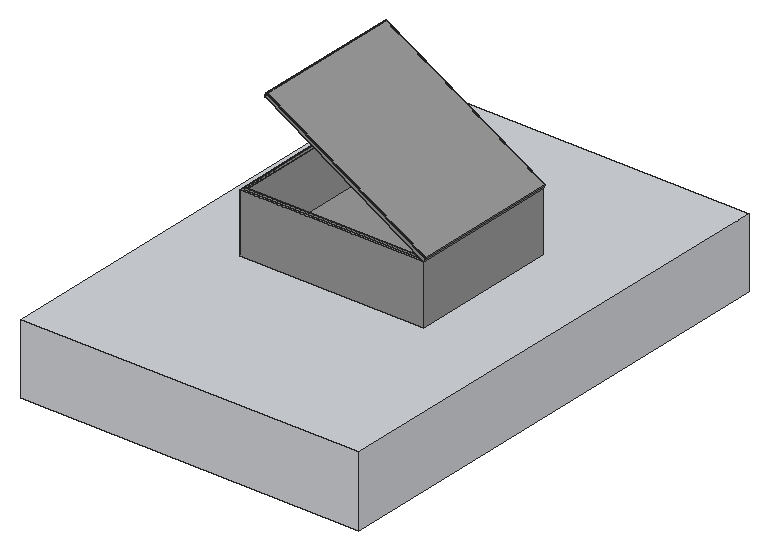
Revit family "Hager-Univers-IP55-D275-H650-Cl.II-Steel_encl-CH-en", category Equipement électrique, Revit 2020
Family settings
  Hôte = Face
  Configuration du panneau = Deux colonnes, circuits au sein
  Cote de connecteur circulaire = Utiliser le diamètre
  Type d'élément = Tableau de raccordement
  Couper avec des vides une fois chargée = Non
  Partagée = Non
  Point de calcul de pièce = Non
Parameters (values of type "Surface mounted (plaster) IP55 W800 H650 D275  - FR43S")
  Width Control [instance] = if([EF000008 - Width] > Min Width, [EF000008 - Width], Min Width)  # 800 mm
  Commentaires du type = [HG000003 - Range]  # "Univers"
  Thickness Door [instance] = if([EF009171 - Material plate thickness door/cover] > 3 mm, 3 mm, [EF009171 - Material plate thickness door/cover])  # 1.5 mm
  Seal Frame Offset [instance] = 17 mm  # constant formula
  Plinth Visibility [instance] = [HG000027 - Plinth height] > 0 mm  # no
  Model = ""
  Min Width [instance] = 100 mm  # constant formula
  Min Height [instance] = 100 mm  # constant formula
  Min Depth [instance] = (2 * [EF009170 - Material plate thickness cabinet]) + 1 mm  # 4 mm
  Internal Frame Depth [instance] = (Door System Depth * 0.5)  # 9 mm
  Height Control [instance] = if([EF000040 - Height] > Min Height, [EF000040 - Height], Min Height)  # 650 mm
  HG000027 - Plinth height = 0 mm
  HG000026 - Floor standing = no
  HG000024 - Bottom section height = 800 mm
  HG000023 - Double section enclosure = no
  HG000016 - Door 3d visibility [instance] = yes
  HG000015 - Clearance visibility [instance] = no
  HG000014 - Door on the right [instance] = yes
  HG000013 - Door on the left [instance] = not([HG000014 - Door on the right])  # no
  HG000012 - Door swing angle [instance] = 30.00°
  HG000010 - Asymmetric doors = no
  HG000009 - Double swing door = no
  HG000006 - Flush mounted = no
  HG000004 - Manufacturer reference = "FR43S"
  HG000003 - Range = "Univers"
  HG000002 - With door or cover = yes
  Frame Offset Bottom [instance] = 10 mm  # constant formula
  Frame Offset [instance] = 15 mm  # constant formula
  EF015940 - Cover with overpressure release = no
  EF011959 - Degree of protection (NEMA) = ""
  EF009554 - Number of openings for flange plates = 6
  EF009212 - Cover model = "EV000116 - Closed"
  EF009171 - Material plate thickness door/cover = 1.5 mm
  EF009170 - Material plate thickness cabinet = 1.5 mm
  Fabricant = "Hager"  # constant formula
  EF008873 - Nominal current (In) = 800 A
  EF007800 - Suitable for lightning protection = no
  EF006306 - With lock = no
  EF006244 - Transparent cover/door = no
  EF005474 - Degree of protection (IP) = "EV006420 - IP55"
  EF004464 - Type of door = "EV002646 - Single"
  EF004427 - Number of modules = 144
  EF004293 - Impact strength = "EV008784 - IK10"
  EF003532 - Suitable for outdoor use = no
  EF002950 - Width in number of modular spacings = 24
  EF001613 - Circuit integrity = "EV000494 - None"
  EF001596 - Material housing = "EV000179 - Steel"
  EF001131 - Internal depth = 275 mm
  EF001088 - Extension possible = yes
  EF000437 - Number of conduit inlets = 6
  EF000339 - Type of cover = "EV004216 - Door"
  EF000266 - Number of rows = 4
  EF000218 - Built-in depth = 0 mm
  EF000118 - With mounting plate = no
  EF000116 - RAL-number = "7035"
  EF000049 - Depth = 275 mm
  EF000040 - Height = 650 mm
  EF000008 - Width = 800 mm
  EF000007 - Colour = "EV000270 - Grey"
  EF000003 - Mounting method = "EV000384 - Surface mounted (plaster)"
  Door System Leaf Tolerance [instance] = 1.5 mm  # constant formula
  Door System Depth [instance] = 18 mm  # constant formula
  Door Height [instance] = Height Control - [HG000027 - Plinth height]  # 650 mm
  Depth Control [instance] = if([EF000049 - Depth] > Min Depth, [EF000049 - Depth], Min Depth)  # 275 mm
  Default Elevation = 0 mm
  Connector Offset [instance] = Height Control / 2  # 325 mm
  Bottom Top Plate Trim [instance] = 1.5 mm  # constant formula
  Plinth height Ctrl [instance] = if([HG000027 - Plinth height] > 0 mm, [HG000027 - Plinth height], 12 mm)  # 12 mm
Types (5, lengths in mm): name | Width Control | HG000010 - Asymmetric doors | HG000009 - Double swing door | HG000004 - Manufacturer reference | EF009554 - Number of openings for flange plates | EF004464 - Type of door | EF004427 - Number of modules | EF000437 - Number of conduit inlets | EF000008 - Width
  Surface mounted (plaster) IP55 W1050 H650 D275  - FR44S | 1050 | no | yes | "FR44S" | 8 | "EV003602 - Double" | 192 | 8 | 1050
  Surface mounted (plaster) IP55 W1300 H650 D275  - FR45S | 1300 | yes | yes | "FR45S" | 10 | "EV003602 - Double" | 240 | 10 | 1300
  Surface mounted (plaster) IP55 W300 H650 D275  - FR41S | 300 | no | no | "FR41S" | 2 | "EV002646 - Single" | 48 | 2 | 300
  Surface mounted (plaster) IP55 W550 H650 D275  - FR42S | 550 | no | no | "FR42S" | 4 | "EV002646 - Single" | 96 | 4 | 550
  Surface mounted (plaster) IP55 W800 H650 D275  - FR43S | 800 | no | no | "FR43S" | 6 | "EV002646 - Single" | 144 | 6 | 800
Reference planes
  plane 1 "Center (Front/Back)": y = 0
  plane 2: z = 0
  plane 3 "Center (Left/Right)": x = 0
  plane 4: z = 275
  plane 5: y = 1.5
  plane 6: y = 325
  plane 7: y = 0
  plane 8: y = 650
  plane 9: z = 0
  plane 10: x = -385
  plane 11: x = 385
  plane 12: x = 383.5
  plane 13: x = -383.5
  plane 14: y = 648.5
  plane 15: x = -383
  plane 16: x = -400
  plane 17: x = 383
  plane 18: x = 400
  plane 19: x = 398.5
  plane 20: x = -398.5
  plane 21: y = 11.5
  plane 22: y = 650
  plane 23: y = 633.5
  plane 24: z = 257
  plane 25: z = 1.5
  plane 26: z = 255.5
  plane 27: z = 273.5
Forms (mm)
  Extrusion 1, solid
    sketch origin (0, 0, 0) x (1, 0, 0) y (0, 1, 0)
      loop
        line (-702.964, 1305) -> (-702.964, -811.445) -> (766.763, -811.445) -> (766.763, 1305) -> (-702.964, 1305)
    from 0 to -304.8
  Extrusion 2, solid, material "Hager_Steel_RAL7035_Light_Grey", visible <- "Plinth Visibility", detail levels medium+fine
    sketch origin (0, 0, 0) x (1, 0, 0) y (0, 1, 0)
      loop
        line (-400, 0) -> (400, 0) -> (400, 12) -> (-400, 12) -> (-400, 0)
    from 0 to 257
  Extrusion 3, solid, material "Hager_Steel_RAL7035_Light_Grey", detail levels medium+fine
    sketch origin (0, 0, 0) x (1, 0, 0) y (0, 1, 0)
      loop
        line (-400, 0) -> (400, 0) -> (400, 650) -> (-400, 650) -> (-400, 0)
    from 0 to 257
  Extrusion 4, void
    sketch origin (0, 0, 0) x (1, 0, 0) y (0, 1, 0)
      loop
        line (-398.5, 1.5) -> (398.5, 1.5) -> (398.5, 648.5) -> (-398.5, 648.5) -> (-398.5, 1.5)
    from 1.5 to 255.5
  Extrusion 5, void
    sketch origin (-381.607, -4572, 257) x (0, -1, 0) y (-1, 0, 0)
      loop
        line (-4583.5, 1.893) -> (-5205.5, 1.893) -> (-5205.5, -765.107) -> (-4583.5, -765.107) -> (-4583.5, 1.893)
    from 0 to 1.5 <- "EF009170 - Material plate thickness cabinet"
  Extrusion 6, solid, material "Hager_Steel_RAL7035_Light_Grey", detail levels fine
    sketch origin (0, 0, 257) x (1, 0, 0) y (0, 1, 0)
      loop
        line (-383.5, 633.5) -> (-383.5, 11.5) -> (383.5, 11.5) -> (383.5, 633.5) -> (-383.5, 633.5)
      loop
        line (-385, 10) -> (385, 10) -> (385, 635) -> (-385, 635) -> (-385, 10)
    from 0 to 9 <- "Internal Frame Depth"
  Extrusion 7, solid, material "Hager_Steel_RAL7035_Light_Grey", detail levels coarse
    sketch origin (0, 0, 0) x (1, 0, 0) y (0, 1, 0)
      loop
        line (-400, 0) -> (400, 0) -> (400, 650) -> (-400, 650) -> (-400, 0)
    from 0 to 275
  Sweep 8, void
    path in 3D
      loop
        line (-400, 12, 0) -> (400, 12, 0) -> (400, 12, 257) -> (-400, 12, 257) -> (-400, 12, 0)
    profile origin (-400, 12, 128.5) x (-1, 0, 0) y (0, -1, 0)
      loop
        line (0, 0) -> (0, 1.5) -> (-1.5, 1.5)
        arc (-1.5, 1.5) -> (-1.061, 0.439) -> (0, 0) r 1.5
Cuts and joins
  Extrusion 4, Extrusion 5 cuts Extrusion 3
  Sweep 8 cuts Extrusion 2
Lines and regions (mm)
  Masking region 1
    outline origin (0, 0, 0) x (1, 0, 0) y (0, 0, 1)
      loop
        line (-400, 275) -> (-400, 0) -> (400, 0) -> (400, 275) -> (-400, 275)
  Masking region 2, detail levels medium+fine
    outline origin (0, 140, 0) x (0, 1, 0) y (0, 0, 1)
      loop
        line (-140, 0) -> (510, 0) -> (510, 257) -> (-140, 257) -> (-140, 0)
  Masking region 3, not visible, detail levels medium+fine
    outline origin (0, 297.922, 0) x (0, 1, 0) y (0, 0, 1)
      loop
        line (38.578, 0) -> (78.578, 0) -> (78.578, 263.5)
        arc (78.578, 263.5) -> (75.649, 270.571) -> (68.578, 273.5) r 10
        line (68.578, 273.5) -> (38.578, 273.5) -> (38.578, 0)
  Masking region 4, detail levels coarse
    outline origin (0, 0, 180) x (0, 1, 0) y (0, 0, 1)
      loop
        line (0, -180) -> (650, -180) -> (650, 95) -> (0, 95) -> (0, -180)
  Masking region 5, visible <- "Plinth Visibility", detail levels medium+fine
    outline origin (0, 52.24, 12.345) x (0, 0, -1) y (0, 1, 0)
      loop
        line (10.845, -40.24) -> (-243.155, -40.24)
        arc (-243.155, -40.24) -> (-243.594, -41.301) -> (-244.655, -41.74) r 1.5
        line (-244.655, -41.74) -> (-244.655, -52.24) -> (12.345, -52.24) -> (12.345, -41.74)
        arc (12.345, -41.74) -> (11.285, -41.301) -> (10.845, -40.24) r 1.5
  Masking region 6, detail levels medium+fine
    outline origin (-381.607, -4572, 257) x (-1, 0, 0) y (0, -1, 0)
      loop
        line (18.393, -5222) -> (18.393, -4572) -> (-781.607, -4572) -> (-781.607, -5222) -> (18.393, -5222)
  Masking region 7, visible <- "Plinth Visibility", detail levels medium+fine
    outline origin (-381.607, -4727, 257) x (-1, 0, 0) y (0, -1, 0)
      loop
        arc (16.893, -4739) -> (17.332, -4737.939) -> (18.393, -4737.5) r 1.5
        line (18.393, -4737.5) -> (18.393, -4727) -> (-781.607, -4727) -> (-781.607, -4737.5)
        arc (-781.607, -4737.5) -> (-780.546, -4737.939) -> (-780.107, -4739) r 1.5
        line (-780.107, -4739) -> (16.893, -4739)
  Masking region 8, detail levels coarse
    outline origin (-442.548, -4669.526, 257) x (-1, 0, 0) y (0, -1, 0)
      loop
        line (-42.548, -5319.526) -> (-42.548, -4669.526) -> (-842.548, -4669.526) -> (-842.548, -5319.526) -> (-42.548, -5319.526)
  sketch lines
    curve 1: line (-400, 12, 257) -> (-400, 12, 0)
    curve 2: line (400, 12, 257) -> (-400, 12, 257)
    curve 3: line (400, 12, 257) -> (400, 12, 0)
    curve 4: line (-400, 12, 0) -> (400, 12, 0)
Dimensions and locks
  "Depth Control": plane 4 to Extrusion 1
  "HG000027 - Plinth height": plane 1 "Center (Front/Back)" to plane 7
  "EF009170 - Material plate thickness cabinet": plane 5 to plane 7
  locked: connector elem to plane 3 "Center (Left/Right)"
  equal spacing: plane 8, plane 6, plane 7
  locked: connector elem to plane 6
  "EF009170 - Material plate thickness cabinet": plane 8 to plane 14
  "EF009170 - Material plate thickness cabinet": plane 10 to plane 13
  "EF009170 - Material plate thickness cabinet": plane 12 to plane 11
  "Frame Offset": plane 20 to plane 13
  "Frame Offset": plane 12 to plane 19
  "EF009170 - Material plate thickness cabinet": plane 16 to plane 20
  "EF009170 - Material plate thickness cabinet": plane 19 to plane 18
  "Seal Frame Offset": plane 16 to plane 15
  "Seal Frame Offset": plane 17 to plane 18
  "Frame Offset Bottom": plane 21 to plane 5
  "Frame Offset": plane 14 to plane 23
  equal spacing: plane 16, plane 3 "Center (Left/Right)", plane 18
  "Width Control": plane 16 to plane 18
  "EF009170 - Material plate thickness cabinet": plane 4 to plane 27
  "EF009170 - Material plate thickness cabinet": plane 24 to plane 26
  "EF009170 - Material plate thickness cabinet": plane 25 to level
  "Door System Depth": plane 4 to plane 24
  "Height Control": plane 1 "Center (Front/Back)" to Extrusion 7 sketch curve
  "Height Control": Masking region 4 sketch curve to plane 1 "Center (Front/Back)"
  "Height Control": plane 1 "Center (Front/Back)" to plane 22
  "Bottom Top Plate Trim": profile plane to Sweep 8 sketch curve
  "Bottom Top Plate Trim": Sweep 8 sketch curve to profile plane
  "Plinth height Ctrl": plane 1 "Center (Front/Back)" to Extrusion 2 sketch curve
  "Plinth height Ctrl": Masking region 5 sketch curve to plane 1 "Center (Front/Back)"
  "Plinth height Ctrl": plane 1 "Center (Front/Back)" to Masking region 7 sketch curve
  "Thickness Door": Extrusion 6 sketch curve to Extrusion 6 sketch curve  (x3)
  "Thickness Door": cut or joined group of Extrusion 3, Extrusion 4, Extrusion 5 to Extrusion 6 sketch curve
  radius of Masking region 3 sketch curve = 10 mm
  "Bottom Top Plate Trim": radius of Masking region 5 sketch curve  (x2)
  "Bottom Top Plate Trim": radius of Sweep 8 sketch curve
  "Bottom Top Plate Trim": radius of Masking region 7 sketch curve  (x2)
  aligned and locked: plane 2 to Extrusion 1
  aligned and locked: level to Extrusion 1
  aligned and locked: level to Masking region 1 sketch curve
  aligned and locked: Masking region 1 sketch curve to plane 18
  aligned and locked: Masking region 1 sketch curve to plane 16
  aligned and locked: plane 7 to Masking region 2 sketch curve
  aligned and locked: level to Masking region 3 sketch curve
  aligned and locked: Masking region 3 sketch curve to plane 27
  aligned and locked: level to Masking region 2 sketch curve
  aligned and locked: plane 1 "Center (Front/Back)" to Extrusion 2 sketch curve
  aligned and locked: Extrusion 3 sketch curve to plane 7
  aligned and locked: plane 16 to Extrusion 3 sketch curve
  aligned and locked: plane 18 to Extrusion 3 sketch curve
  aligned and locked: plane 20 to Extrusion 4 sketch curve
  aligned and locked: plane 19 to Extrusion 4 sketch curve
  aligned and locked: Extrusion 4 sketch curve to plane 5
  aligned and locked: Extrusion 4 to plane 25
  aligned and locked: plane 26 to Extrusion 4
  aligned and locked: plane 24 to Extrusion 3
  aligned and locked: Extrusion 5 sketch curve to plane 21
  aligned and locked: Extrusion 5 sketch curve to plane 13
  aligned and locked: Extrusion 5 sketch curve to plane 12
  aligned and locked: plane 18 to Extrusion 7 sketch curve
  aligned and locked: plane 1 "Center (Front/Back)" to Extrusion 7 sketch curve
  aligned and locked: plane 16 to Extrusion 7 sketch curve
  aligned and locked: plane 4 to Extrusion 7
  aligned and locked: Extrusion 7 to level
  aligned and locked: level to Masking region 4 sketch curve
  aligned and locked: Masking region 4 sketch curve to plane 1 "Center (Front/Back)"
  aligned and locked: Masking region 4 sketch curve to plane 4
  aligned and locked: nested 1 to level
  aligned and locked: nested 1 to plane 16
  aligned and locked: plane 8 to Extrusion 3 sketch curve
  aligned and locked: plane 23 to Extrusion 5 sketch curve
  aligned and locked: plane 14 to Extrusion 4 sketch curve
  aligned and locked: Masking region 2 sketch curve to plane 8
  aligned and locked: level to Masking region 5 sketch curve
  aligned and locked: plane 16 to Extrusion 2 sketch curve
  aligned and locked: plane 18 to Extrusion 2 sketch curve
  aligned and locked: Masking region 5 sketch curve to plane 24
  aligned and locked: Masking region 2 sketch curve to plane 24
  aligned and locked: plane 24 to Extrusion 2
  aligned and locked: profile plane to Sweep 8 sketch curve  (x2)
  aligned and locked: Masking region 6 sketch curve to plane 18
  aligned and locked: Masking region 6 sketch curve to plane 22
  aligned and locked: Masking region 6 sketch curve to plane 16
  aligned and locked: plane 8 to plane 22
  aligned and locked: Masking region 6 sketch curve to plane 7
  aligned and locked: Masking region 7 sketch curve to plane 16
  aligned and locked: Masking region 7 sketch curve to plane 1 "Center (Front/Back)"
  aligned and locked: Masking region 7 sketch curve to plane 18
  aligned and locked: Masking region 8 sketch curve to plane 1 "Center (Front/Back)"
  aligned and locked: Masking region 8 sketch curve to plane 18
  aligned and locked: Masking region 8 sketch curve to plane 22
  aligned and locked: Masking region 8 sketch curve to plane 16
  aligned and locked: nested 2 to plane 7
  aligned and locked: plane 3 "Center (Left/Right)" to nested 2
  aligned and locked: nested 2 to plane 24
  aligned and locked: Extrusion 6 sketch curve to cut or joined group of Extrusion 3, Extrusion 4, Extrusion 5  (x4)
Automatic sketch dimensions
  Extrusion 1 sketch curve to Extrusion 1 sketch curve = 1469.727 mm
  Extrusion 1 sketch curve to Extrusion 1 sketch curve = 2116.445 mm
  Masking region 1 sketch curve to plane 4 = 0 mm
  plane 6 to Masking region 3 sketch curve = 11.5 mm
  Masking region 3 sketch curve to Masking region 3 sketch curve = 30 mm
  Masking region 5 sketch curve to plane 1 "Center (Front/Back)" = 0 mm
Nested families
  nested 1: "Hager_Enclosure_Symbol" at (-400, 0, 0) x (1, 0, 0) z (0, -1, 0), Height <- "Depth Control", Width <- "Width Control", type "Hager_Enclosure_Symbol"
    with Width_Ctrl 800 mm, Width 800 mm, Height_Ctrl 275 mm, Height 275 mm, A_Width_Int 18.047 mm, A_Width 216.562 mm, A_Height_Ctrl 240.625 mm, A_Height 240.625 mm
  nested 2: "EC000058_Univers_Door" at (0, 0, 257) x (1, 0, 0) z (0, 1, 0), Leaf_Tolerance <- "Door System Leaf Tolerance", Angle <- "HG000012 - Door swing angle", Door_Depth <- "Door System Depth", Door_Left <- "HG000013 - Door on the left", Transparent <- "EF006244 - Transparent cover/door", Assymetrical <- "HG000010 - Asymmetric doors", Width <- "Width Control", Clearance <- "HG000015 - Clearance visibility", Double <- "HG000009 - Double swing door", 3d_Door <- "HG000016 - Door 3d visibility", Lock_Visibility <- "EF006306 - With lock", Width_Ctrl <- "Width Control", Door_Right <- "HG000014 - Door on the right", Door <- "HG000002 - With door or cover", Height <- "Door Height", Thickness <- "Thickness Door", type "EC000058_Univers_Door", detail levels medium+fine
    with min_wh 4 mm, Width_Ctrl 800 mm, Width 800 mm, Transparent no, Thickness 1.5 mm, Seal_Material Hager_Rubber, Lock_Visibility no, Lock_Material Hager_Plastic_RAL9005_Jet_Black, Leaf_Width 800 mm, Leaf_Tolerance_External_Sides 0 mm, Leaf_Tolerance 1.5 mm, Leaf_Offset 0 mm, Leaf_Height 647 mm, Leaf_2_Width 800 mm, Leaf_2_Offset 400 mm, Leaf_1_Width 800 mm, Leaf_1_Offset 400 mm, Height_Ctrl 650 mm, Height 650 mm, Glass_Material Hager_Glass, Double_Clearance_Ctrl no, Double no, Door_Right_Ctrl yes, Door_Right yes, Door_Material Hager_Steel_RAL7035_Light_Grey, Door_Left_Ctrl no, Door_Left no, Door_Depth 18 mm, Door yes, Clearance_Material Hager_Clearance, Clearance_Depth 800 mm, Clearance_Ctrl no, Clearance no, Assymetrical no, Angle 30.00°, 3d_Door yes
Connectors
  electrical at (0, 325, 0)
    settings: on plane 9, index 1, voltage 0 V, apparent load 0 VA, apparent load phase1 0 VA, apparent load phase2 0 VA, apparent load phase3 0 VA, power factor 1, load classification "Other", number of poles 1, system type 30, power factor state 1, is connector primary yes, connector utility no, sub classification motor no, connector description ""
Definition of nested family "EC000058_Univers_Door"
  Parameters (values of type "EC000058_Univers_Door")
    min_wh [instance] = (2 * Thickness) + 1 mm  # 11 mm
    Width_Ctrl [instance] = 400 mm
    Width [instance] = 500 mm
    Transparent [instance] = yes
    Thickness [instance] = 5 mm
    Seal_Material [instance] = none
    Lock_Visibility [instance] = yes
    Lock_Material [instance] = none
    Leaf_Width [instance] = if((Width_Ctrl - 2 * Leaf_Tolerance_External_Sides) > 0 mm, (Width_Ctrl - 2 * Leaf_Tolerance_External_Sides), min_wh)  # 400 mm
    Leaf_Tolerance_External_Sides [instance] = 0 mm  # constant formula
    Leaf_Tolerance [instance] = 1.5 mm
    Leaf_Offset [instance] = 0 mm  # constant formula
    Leaf_Height [instance] = if((Height_Ctrl - 2 * Leaf_Tolerance) > 0 mm, (Height_Ctrl - 2 * Leaf_Tolerance), min_wh)  # 497 mm
    Leaf_2_Width [instance] = if(and(and(Double, Assymetrical), Door_Left), (Leaf_Width / 3) - (Leaf_Tolerance / 2), if(and(and(Double, Assymetrical), Door_Right), (Leaf_Width / 3) * 2 - (Leaf_Tolerance / 2), if(and(Double, not(Assymetrical)), (Leaf_Width / 2) - Leaf_Tolerance, Leaf_Width)))  # 400 mm
    Leaf_2_Offset [instance] = if(and(Double, Assymetrical), Leaf_2_Width / 2, if(and(Double, not(Assymetrical)), Leaf_Width / 4, Leaf_Width / 2))  # 200 mm
    Leaf_1_Width [instance] = if(and(and(Double, Assymetrical), Door_Right), (Leaf_Width / 3) - (Leaf_Tolerance / 2), if(and(and(Double, Assymetrical), Door_Left), (Width / 3) * 2 - (Leaf_Tolerance / 2), if(and(Double, not(Assymetrical)), (Leaf_Width / 2) - Leaf_Tolerance, Leaf_Width)))  # 400 mm
    Leaf_1_Offset [instance] = if(and(Double, Assymetrical), Leaf_1_Width / 2, if(and(Double, not(Assymetrical)), Leaf_Width / 4, Leaf_Width / 2))  # 200 mm
    Height_Ctrl [instance] = if(Height > min_wh, Height, min_wh)  # 500 mm
    Height [instance] = 500 mm
    Glass_Material [instance] = none
    Double_Clearance_Ctrl [instance] = and(Double, Clearance)  # no
    Double [instance] = no
    Door_Right_Ctrl [instance] = and(or(Door_Right, Double), Door)  # yes
    Door_Right [instance] = yes
    Door_Material [instance] = none
    Door_Left_Ctrl [instance] = and(or(Door_Left, Double), Door)  # no
    Door_Left [instance] = no
    Door_Depth [instance] = 30 mm
    Door [instance] = yes
    Default Elevation = 1219.2 mm
    Clearance_Material [instance] = none
    Clearance_Depth [instance] = if(Leaf_1_Width > Leaf_2_Width, Leaf_1_Width, Leaf_2_Width)  # 400 mm
    Clearance_Ctrl [instance] = and(not(Double), Clearance)  # yes
    Clearance [instance] = yes
    Assymetrical [instance] = yes
    Angle [instance] = 30.00°
    3d_Door [instance] = yes
  Reference planes
    plane 1 "Center (Front/Back)": y = 0
    plane 2 "Bottom": z = 0
    plane 3 "Center (Left/Right)": x = 0
    plane 4: z = 500
    plane 5: x = -200
    plane 6: x = 200
    plane 7: z = 500
    plane 8: x = -200
    plane 9: z = 0
    plane 10: x = 200
    plane 11: y = 0
    plane 12: z = 1.5
    plane 13: x = -600
    plane 14: y = -400
    plane 15: x = 600
    plane 16: x = 0
    plane 17: x = 0
    plane 18: x = -200
    plane 19: x = 200
    plane 20: z = 498.5
  Forms (mm)
    Extrusion 1, solid, material <- "Clearance_Material", visible <- "Double_Clearance_Ctrl"
      sketch origin (1200, 0, 0) x (1, 0, 0) y (0, 0, -1)
        loop
          line (-1800, -498.5) -> (-600, -498.5) -> (-600, 0) -> (-1800, 0) -> (-1800, -498.5)
      from 0 to -400
  Dimensions and locks
    equal spacing: plane 5, plane 3 "Center (Left/Right)", plane 6
    "Width_Ctrl": plane 5 to plane 6
    "Leaf_Offset": plane 5 to plane 8
    "Leaf_Offset": plane 6 to plane 10
    "Leaf_Offset": plane 9 to level
    "Leaf_Offset": plane 4 to plane 7
    "Height_Ctrl": plane 4 to level
    "Leaf_Tolerance": plane 12 to plane 9
    locked: plane 11 to plane 1 "Center (Front/Back)"
    "Leaf_1_Offset": plane 18 to plane 16
    "Leaf_2_Offset": plane 17 to plane 19
    "Leaf_1_Width": plane 13 to plane 8
    "Leaf_2_Width": plane 10 to plane 15
    "Clearance_Depth": plane 14 to plane 1 "Center (Front/Back)"
    "Leaf_Tolerance_External_Sides": plane 8 to plane 18
    "Leaf_Tolerance_External_Sides": plane 19 to plane 10
    "Leaf_Tolerance": plane 7 to plane 20
    aligned and locked: level to plane 2 "Bottom"
    aligned and locked: nested 1 to plane 16
    aligned and locked: nested 2 to plane 17
    aligned and locked: Extrusion 1 to plane 13
    aligned and locked: plane 15 to Extrusion 1
    aligned and locked: Extrusion 1 to plane 14
    aligned and locked: plane 12 to nested 1
    aligned and locked: nested 2 to plane 12
    aligned and locked: Extrusion 1 to plane 11
    aligned and locked: plane 20 to Extrusion 1
    aligned and locked: nested 2 to plane 11
    aligned and locked: nested 1 to plane 11
  Automatic sketch dimensions
    Extrusion 1 sketch curve to level = 0 mm
    plane 5 to Extrusion 1 sketch curve = 400 mm
    plane 6 to Extrusion 1 sketch curve = 400 mm
    Extrusion 1 sketch curve to plane 4 = 1.5 mm
  Nested families
    nested 1: "EC000058_Univers_Door_Leaf" at (0, 0, 1.5), Width <- "Leaf_1_Width", visible <- "Door_Left_Ctrl", Leaf_Height <- "Leaf_Height", Angle <- "Angle", 3d_Door <- "3d_Door", Transparent <- "Transparent", Clearance Material <- "Clearance_Material", Clearance <- "Clearance_Ctrl", Door_Material <- "Door_Material", Glass_Material <- "Glass_Material", Door_Depth <- "Door_Depth", Lock_Material <- "Lock_Material", Seal_Material <- "Seal_Material", Lock_Visibility <- "Lock_Visibility", Thickness <- "Thickness", type "EC000058_Univers_Door_Leaf"
      with Width 400 mm, Transparent_Glass_Offset 30 mm, Transparent_Ctrl yes, Transparent yes, Thickness 5 mm, Standard no, Seal_Material none, Seal_D2 8 mm, Seal_D1 1 mm, Offset_Internal_Frame 10 mm, Lock_Width 20 mm, Lock_Visibility_3d yes, Lock_Visibility yes, Lock_Thickness_3 3 mm, Lock_Thickness_2 1 mm, Lock_Thickness_1 3 mm, Lock_Radius_Offset_2 16 mm, Lock_Radius_Offset_1 15 mm, Lock_Radius_2 5 mm, Lock_Radius 6 mm, Lock_Offset 5 mm, Lock_Material none, Lock_Height 80 mm, Lock_Cover_Top_Offset_2d 17 mm, Lock_Cover_Height -65 mm, Leaf_Height 497 mm, Internal_Seal_Thickness 8 mm, Internal_Seal_Depth_2 4.5 mm, Internal_Frame_Depth 25 mm, Glass_Thickness -1 mm, Glass_Offset -2 mm, Glass_Material none, Door_Material none, Door_Depth 30 mm, Clearance Material none, Clearance yes, Angle_Ctrl 30.00°, Angle 30.00°, 3d_Door yes
    nested 2: "EC000058_Univers_Door_Leaf" at (0, 0, 1.5) x (-1, 0, 0) z (0, 0, 1), Width <- "Leaf_2_Width", visible <- "Door_Right_Ctrl", Leaf_Height <- "Leaf_Height", Angle <- "Angle", 3d_Door <- "3d_Door", Transparent <- "Transparent", Clearance Material <- "Clearance_Material", Clearance <- "Clearance_Ctrl", Door_Material <- "Door_Material", Glass_Material <- "Glass_Material", Door_Depth <- "Door_Depth", Lock_Material <- "Lock_Material", Seal_Material <- "Seal_Material", Lock_Visibility <- "Lock_Visibility", Thickness <- "Thickness", type "EC000058_Univers_Door_Leaf"
      with Width 400 mm, Transparent_Glass_Offset 30 mm, Transparent_Ctrl yes, Transparent yes, Thickness 5 mm, Standard no, Seal_Material none, Seal_D2 8 mm, Seal_D1 1 mm, Offset_Internal_Frame 10 mm, Lock_Width 20 mm, Lock_Visibility_3d yes, Lock_Visibility yes, Lock_Thickness_3 3 mm, Lock_Thickness_2 1 mm, Lock_Thickness_1 3 mm, Lock_Radius_Offset_2 16 mm, Lock_Radius_Offset_1 15 mm, Lock_Radius_2 5 mm, Lock_Radius 6 mm, Lock_Offset 5 mm, Lock_Material none, Lock_Height 80 mm, Lock_Cover_Top_Offset_2d 17 mm, Lock_Cover_Height -65 mm, Leaf_Height 497 mm, Internal_Seal_Thickness 8 mm, Internal_Seal_Depth_2 4.5 mm, Internal_Frame_Depth 25 mm, Glass_Thickness -1 mm, Glass_Offset -2 mm, Glass_Material none, Door_Material none, Door_Depth 30 mm, Clearance Material none, Clearance yes, Angle_Ctrl 30.00°, Angle 30.00°, 3d_Door yes
  Definition of nested family "EC000058_Univers_Door_Leaf"
    Parameters (values of type "EC000058_Univers_Door_Leaf")
      Width [instance] = 2000 mm
      Transparent_Glass_Offset [instance] = 30 mm
      Transparent_Ctrl [instance] = and(Transparent, [3d_Door])  # yes
      Transparent [instance] = yes
      Thickness [instance] = 5 mm
      Standard [instance] = and(not(Transparent), [3d_Door])  # no
      Seal_Material [instance] = none
      Seal_D2 [instance] = 8 mm  # constant formula
      Seal_D1 [instance] = 1 mm  # constant formula
      Offset_Internal_Frame [instance] = 10 mm  # constant formula
      Lock_Width [instance] = 20 mm  # constant formula
      Lock_Visibility_3d [instance] = and(Lock_Visibility, [3d_Door])  # yes
      Lock_Visibility [instance] = yes
      Lock_Thickness_3 [instance] = 3 mm  # constant formula
      Lock_Thickness_2 [instance] = 1 mm  # constant formula
      Lock_Thickness_1 [instance] = 3 mm  # constant formula
      Lock_Radius_Offset_2 [instance] = Lock_Radius_Offset_1 + 1 mm  # 16 mm
      Lock_Radius_Offset_1 [instance] = 15 mm  # constant formula
      Lock_Radius_2 [instance] = Lock_Radius - 1 mm  # 5 mm
      Lock_Radius [instance] = 6 mm  # constant formula
      Lock_Offset [instance] = 5 mm  # constant formula
      Lock_Material [instance] = none
      Lock_Height [instance] = 80 mm  # constant formula
      Lock_Cover_Top_Offset_2d [instance] = Lock_Radius_Offset_2 + 1 mm  # 17 mm
      Lock_Cover_Height [instance] = -(Lock_Height - Lock_Radius_Offset_1)  # -65 mm
      Leaf_Height [instance] = 2720.336 mm
      Internal_Seal_Thickness [instance] = 8 mm  # constant formula
      Internal_Seal_Depth_2 [instance] = 4.5 mm  # constant formula
      Internal_Frame_Depth [instance] = if(Door_Depth - Thickness > 5 mm, Door_Depth - Thickness, 5 mm)  # 25 mm
      Glass_Thickness [instance] = if(Thickness > 15 mm, Glass_Offset + 10 mm, -1 mm)  # -1 mm
      Glass_Offset [instance] = if(Thickness > 15 mm, -(Thickness + 10 mm) / 2, -2 mm)  # -2 mm
      Glass_Material [instance] = none
      Door_Material [instance] = none
      Door_Depth [instance] = 30 mm
      Default Elevation = 0 mm
      Clearance Material [instance] = none
      Clearance [instance] = yes
      Angle_Ctrl [instance] = if(Angle > 180.00°, 180.00°, Angle)  # 90.00°
      Angle [instance] = 90.00°
      3d_Door [instance] = yes
    Reference planes
      plane 1 "Center (Front/Back)": y = 0
      plane 2: z = 0
      plane 3 "Center (Left/Right)": x = 0
      plane 4: y = 2000
      plane 5: x = -1000
      plane 6: x = 1000
      plane 7: x = -3000
      plane 8: z = 2720.336
      plane 9: z = 30
      plane 10: z = 2690.336
      plane 11: x = 970
      plane 12: x = -970
      plane 13: y = -3
      plane 14: z = 107.833
      plane 15: y = -5
      plane 16: y = -223.314
      plane 17: x = -1000
      plane 18: z = 1360.168
      plane 19: y = 30
    Forms (mm)
      Extrusion 1, solid, material <- "Clearance Material", visible <- "Clearance"
        sketch origin (0, 0, 0) x (1, 0, 0) y (0, 0, 1)
          loop
            line (-3000, 2720.336) -> (-3000, 0) -> (1000, 0) -> (1000, 2720.336) -> (-3000, 2720.336)
        from 0 to -2000
      Extrusion 2, solid, material <- "Door_Material", visible <- "Standard", detail levels medium+fine
        sketch origin (-1000, 0, 0) x (0, 1, 0) y (-1, 0, 0)
          loop
            line (0, 30) -> (0, 25) -> (2000, 25) -> (2000, 30) -> (0, 30)
        from 0 to 2720.336 <- "Leaf_Height"
      Extrusion 3, solid, material <- "Door_Material", visible <- "Transparent_Ctrl", detail levels medium+fine
        sketch origin (-1000, 0, 0) x (0, 1, 0) y (-1, 0, 0)
          loop
            line (0, 25) -> (2000, 25) -> (2000, 30) -> (0, 30) -> (0, 25)
        from 0 to 2720.336 <- "Leaf_Height"
      Extrusion 4, void
        sketch origin (-1025, 2000, 0) x (0, 1, 0) y (0, 0, -1)
          loop
            line (-30, -2690.336) -> (-30, -30) -> (-1970, -30) -> (-1970, -2690.336) -> (-30, -2690.336)
        from 0 to 5 <- "Thickness"
      Sweep 5, solid, material <- "Seal_Material", visible <- "Transparent_Ctrl", detail levels fine
        path in 3D
          loop
            line (-1025, 30, 30) -> (-1025, 30, 2690.336) -> (-1025, 1970, 2690.336) -> (-1025, 1970, 30) -> (-1025, 30, 30)
        profile origin (-1025, 1000, 30) x (1, 0, 0) y (0, 0, 1)
          loop
            line (0, 0) -> (0, -8) -> (1, -8) -> (1, 0) -> (0, 0)
      Extrusion 6, solid, material <- "Glass_Material", visible <- "Transparent_Ctrl", detail levels medium+fine
        sketch origin (-1030, 0, 0) x (0, 1, 0) y (0, 0, -1)
          loop
            line (1970, -2690.336) -> (1970, -30) -> (30, -30) -> (30, -2690.336) -> (1970, -2690.336)
        from -2 <- "Glass_Offset" to -1 <- "Glass_Thickness"
      Extrusion 7, solid, material <- "Door_Material", visible <- "3d_Door", detail levels medium+fine
        sketch origin (-1025, 2000, 0) x (0, -1, 0) y (0, 0, -1)
          loop
            line (0, -2720.336) -> (2000, -2720.336) -> (2000, 0) -> (0, 0) -> (0, -2720.336)
          loop
            line (1995, -5) -> (5, -5) -> (5, -2715.336) -> (1995, -2715.336) -> (1995, -5)
        from 0 to 25 <- "Internal_Frame_Depth"
      Sweep 8, solid, material <- "Seal_Material", visible <- "Transparent_Ctrl", detail levels fine
        path in 3D
          loop
            line (-1025, 0, 0) -> (-1025, 2000, 0) -> (-1025, 2000, 2720.336) -> (-1025, 0, 2720.336) -> (-1025, 0, 0)
        profile origin (-1025, 0, 1360.168) x (1, 0, 0) y (0, 1, 0)
          loop
            line (0, 10) -> (2.975, 10)
            arc (2.975, 10) -> (4.053, 10.447) -> (4.5, 11.525) r 1.525
            line (4.5, 11.525) -> (4.5, 16.527)
            arc (4.5, 16.527) -> (4.069, 17.569) -> (3.027, 18) r 1.473
            line (3.027, 18) -> (0, 18) -> (0, 10)
      Extrusion 9, solid, material <- "Lock_Material", visible <- "Lock_Visibility_3d", detail levels fine
        sketch origin (-1030, 0, 0) x (0, 1, 0) y (0, 0, -1)
          loop
            arc (1993.5, -1400.168) -> (1994.561, -1399.729) -> (1995, -1398.668) r 1.5
            line (1995, -1398.668) -> (1995, -1320.168) -> (1975, -1320.168) -> (1975, -1398.668)
            arc (1975, -1398.668) -> (1975.439, -1399.729) -> (1976.5, -1400.168) r 1.5
            line (1976.5, -1400.168) -> (1993.5, -1400.168)
        from 3 <- "Lock_Thickness_1" to 0
      Blend 10, solid, material <- "Lock_Material", visible <- "Lock_Visibility_3d", detail levels fine
        base sketch origin (-1033, 0, 0) x (0, 1, 0) y (0, 0, -1)
          loop
            line (1975, -1320.168) -> (1975, -1398.668)
            arc (1975, -1398.668) -> (1975.439, -1399.729) -> (1976.5, -1400.168) r 1.5
            line (1976.5, -1400.168) -> (1993.5, -1400.168)
            arc (1993.5, -1400.168) -> (1994.561, -1399.729) -> (1995, -1398.668) r 1.5
            line (1995, -1398.668) -> (1995, -1320.168) -> (1975, -1320.168)
        top sketch origin (-1033, 0, 0) x (0, 1, 0) y (0, 0, -1)
          loop
            line (1976, -1320.168) -> (1976, -1398.668)
            arc (1976, -1398.668) -> (1976.146, -1399.022) -> (1976.5, -1399.168) r 0.5
            line (1976.5, -1399.168) -> (1993.5, -1399.168)
            arc (1993.5, -1399.168) -> (1993.854, -1399.022) -> (1994, -1398.668) r 0.5
            line (1994, -1398.668) -> (1994, -1320.168) -> (1976, -1320.168)
        from 0 to 1 <- "Lock_Thickness_2"
      Blend 11, solid, material <- "Lock_Material", visible <- "Lock_Visibility_3d", detail levels fine
        base sketch origin (-1034, 0, 0) x (0, 1, 0) y (0, 0, -1)
          loop
            line (1978, -1320.168) -> (1978, -1384.168)
            arc (1978, -1384.168) -> (1985, -1391.168) -> (1992, -1384.168) r 7
            line (1992, -1384.168) -> (1992, -1320.168) -> (1978, -1320.168)
        top sketch origin (-1034, 0, 0) x (0, 1, 0) y (0, 0, -1)
          loop
            line (1991, -1320.168) -> (1979, -1320.168) -> (1979, -1383.168)
            arc (1979, -1383.168) -> (1985, -1389.168) -> (1991, -1383.168) r 6
            line (1991, -1383.168) -> (1991, -1320.168)
        from 0 to 3 <- "Lock_Thickness_3"
      Extrusion 12, solid, material <- "Lock_Material", visible <- "Lock_Visibility_3d", detail levels fine
        sketch origin (-1030, 1975, 1320.168) x (1, 0, 0) y (0, -1, 0)
          loop
            line (-7, -19) -> (-7, -1) -> (0, -1) -> (0, 0) -> (-8, 0) -> (-8, -20) -> (0, -20) -> (0, -19) -> (-7, -19)
        from 0 to -65 <- "Lock_Cover_Height"
      Extrusion 13, void
        sketch origin (-1038, 1995, 1320.168) x (-1, 0, 0) y (0, 0, -1)
          loop
            line (-5, -65) -> (0, -65) -> (-5, -60) -> (-5, -65)
        from 0 to 20 <- "Lock_Width"
      Extrusion 14, void
        sketch origin (-1038, 1975, 1320.168) x (0, -1, 0) y (0, 0, -1)
          loop
            circle (-10, -15.995) r 6
          loop
            circle (-10, -15.995) r 5
        from 0 to 2
      Extrusion 15, solid, material <- "Lock_Material", visible <- "Lock_Visibility_3d", detail levels medium
        sketch origin (-1030, 0, 0) x (0, 1, 0) y (0, 0, -1)
          loop
            arc (1993.5, -1400.168) -> (1994.561, -1399.729) -> (1995, -1398.668) r 1.5
            line (1995, -1398.668) -> (1995, -1320.168) -> (1975, -1320.168) -> (1975, -1398.668)
            arc (1975, -1398.668) -> (1975.439, -1399.729) -> (1976.5, -1400.168) r 1.5
            line (1976.5, -1400.168) -> (1993.5, -1400.168)
        from 8 to 0
    Cuts and joins
      Extrusion 4 cuts Extrusion 3
      Extrusion 13, Extrusion 14 cuts Extrusion 9
      Extrusion 14 cuts Blend 11
      Extrusion 13, Extrusion 14 cuts Extrusion 12
      joined: Extrusion 9, Blend 10, Blend 11, Extrusion 12
      Extrusion 14 cuts Extrusion 15
    Lines and regions (mm)
      Masking region 1, visible <- "Lock_Visibility", detail levels fine
        outline origin (0, 0, 0) x (0, 1, 0) y (0, 0, 1)
          loop
            line (30, 1320.168) -> (33, 1320.168) -> (33, 1400.168) -> (30, 1400.168) -> (30, 1320.168)
      Masking region 2, visible <- "Lock_Visibility", detail levels fine
        outline origin (0, 3.143, 0) x (0, 1, 0) y (0, 0, 1)
          loop
            line (29.857, 1354.168) -> (30.857, 1354.168) -> (30.857, 1366.168) -> (29.857, 1366.168) -> (29.857, 1354.168)
      Masking region 3, detail levels medium+fine
        outline origin (0, 0, 0) x (0, 1, 0) y (0, 0, 1)
          loop
            line (0, 0) -> (30, 0) -> (30, 2720.336) -> (0, 2720.336) -> (0, 0)
      Masking region 4, detail levels medium+fine
        outline origin (0, 0, 0) x (1, 0, 0) y (0, 0, 1)
          loop
            line (-1000, 2720.336) -> (-1000, 0) -> (1000, 0) -> (1000, 2720.336) -> (-1000, 2720.336)
      Masking region 5, visible <- "Lock_Visibility", detail levels fine
        outline origin (-47.116, 0, 0) x (1, 0, 0) y (0, 0, 1)
          loop
            arc (1024.616, 1399.168) -> (1023.556, 1398.729) -> (1023.116, 1397.668) r 1.5
            line (1023.116, 1397.668) -> (1023.116, 1320.168) -> (1041.116, 1320.168) -> (1041.116, 1397.668)
            arc (1041.116, 1397.668) -> (1040.677, 1398.729) -> (1039.616, 1399.168) r 1.5
            line (1039.616, 1399.168) -> (1024.616, 1399.168)
      Masking region 6, visible <- "Lock_Visibility", detail levels medium+fine
        outline origin (-25, 0, 0) x (1, 0, 0) y (0, 0, 1)
          loop
            arc (1001.5, 1400.168) -> (1000.439, 1399.729) -> (1000, 1398.668) r 1.5
            line (1000, 1398.668) -> (1000, 1320.168) -> (1020, 1320.168) -> (1020, 1398.668)
            arc (1020, 1398.668) -> (1019.561, 1399.729) -> (1018.5, 1400.168) r 1.5
            line (1018.5, 1400.168) -> (1001.5, 1400.168)
      Masking region 7, visible <- "Lock_Visibility", detail levels fine
        outline origin (-73.735, 0, 0) x (1, 0, 0) y (0, 0, 1)
          loop
            line (1051.735, 1382.168) -> (1065.735, 1382.168) -> (1065.735, 1384.168)
            arc (1065.735, 1384.168) -> (1058.735, 1391.168) -> (1051.735, 1384.168) r 7
            line (1051.735, 1384.168) -> (1051.735, 1382.168)
      Masking region 8, visible <- "Lock_Visibility", detail levels fine
        outline origin (-73.735, 0, 0) x (1, 0, 0) y (0, 0, 1)
          loop
            line (1052.735, 1382.168) -> (1064.735, 1382.168) -> (1064.735, 1383.168)
            arc (1064.735, 1383.168) -> (1058.735, 1389.168) -> (1052.735, 1383.168) r 6
            line (1052.735, 1383.168) -> (1052.735, 1382.168)
      Masking region 9, visible <- "Lock_Visibility", detail levels fine
        outline origin (-25, 0, 0) x (1, 0, 0) y (0, 0, 1)
          loop
            line (1020, 1320.168) -> (1020, 1382.168) -> (1000, 1382.168) -> (1000, 1320.168) -> (1020, 1320.168)
      Masking region 10, detail levels medium+fine
        outline origin (0, 0, 0) x (1, 0, 0) y (0, 0, 1)
          loop
            circle (985, 1335.144) r 6
      Masking region 11, detail levels fine
        outline origin (0, 0, 0) x (1, 0, 0) y (0, 0, 1)
          loop
            circle (985, 1335.144) r 5
      Masking region 12, visible <- "Lock_Visibility", detail levels fine
        outline origin (0, 12.767, 0) x (0, 1, 0) y (0, 0, 1)
          loop
            line (20.233, 1320.168) -> (21.233, 1320.168) -> (21.233, 1399.168) -> (20.233, 1400.168) -> (20.233, 1320.168)
      Masking region 13, visible <- "Lock_Visibility", detail levels fine
        outline origin (0, 13.767, -10) x (0, 1, 0) y (0, 0, 1)
          loop
            line (20.233, 1330.168) -> (23.233, 1330.168) -> (23.233, 1399.168) -> (20.233, 1402.168) -> (20.233, 1330.168)
      Masking region 14, visible <- "Lock_Visibility", detail levels fine
        outline origin (0, 12.767, -10) x (0, 1, 0) y (0, 0, 1)
          loop
            line (20.233, 1330.168) -> (25.233, 1330.168) -> (25.233, 1399.305) -> (20.233, 1394.305) -> (20.233, 1330.168)
      Masking region 15, visible <- "Lock_Visibility", detail levels medium
        outline origin (0, 0, 0) x (0, 1, 0) y (0, 0, 1)
          loop
            line (30, 1320.168) -> (38, 1320.168) -> (38, 1400.168) -> (30, 1400.168) -> (30, 1320.168)
      Masking region 16, visible <- "Lock_Visibility", detail levels fine
        outline origin (-1000, 0, 0) x (0, 1, 0) y (-1, 0, 0)
          loop
            line (1975, 30) -> (1995, 30) -> (1995, 38) -> (1975, 38) -> (1975, 30)
          loop
            line (1979, 37) -> (1976, 37) -> (1976, 34) -> (1978, 34) -> (1979, 37)
          loop
            line (1994, 37) -> (1991, 37) -> (1992, 34) -> (1994, 34) -> (1994, 37)
      Masking region 17, visible <- "Lock_Visibility", detail levels medium
        outline origin (-1000, 0, 0) x (0, 1, 0) y (-1, 0, 0)
          loop
            line (1975, 30) -> (1995, 30) -> (1995, 38) -> (1975, 38) -> (1975, 30)
      symbolic lines
        curve 1: line (1000, 0, 0) -> (-3000, 0, 0)
        curve 2: arc (1000, 0, 0) -> (-1000, 2000, 0) -> (-3000, 0, 0) r 2000
        curve 4: line (-1030, 0, 0) -> (-1030, 2000, 0)
      reference lines
        curve 3: line (-1000, 0, 0) -> (-1000, 2000, 0)
      symbolic lines, detail levels medium+fine
        curve 5: line (-1030, 2000, 0) -> (-1025, 2000, 0)
        curve 7: line (-1025, 0, 0) -> (-1030, 0, 0)
        curve 8: line (-1025, 0, 0) -> (-1000, 0, 0)
        curve 9: line (-1000, 0, 0) -> (-1000, 2000, 0)
        curve 10: line (-1000, 2000, 0) -> (-1025, 2000, 0)
      symbolic lines, detail levels fine
        curve 6: line (-1025, 2000, 0) -> (-1025, 0, 0)
      sketch lines
        curve 11: line (-1025, 0, 2720.336) -> (-1025, 0, 0)
        curve 12: line (-1025, 2000, 0) -> (-1025, 0, 0)
        curve 13: line (-1025, 2000, 2720.336) -> (-1025, 2000, 0)
        curve 14: line (-1025, 0, 2720.336) -> (-1025, 2000, 2720.336)
        curve 15: line (-1025, 1970, 30) -> (-1025, 30, 30)
        curve 16: line (-1025, 30, 30) -> (-1025, 30, 2690.336)
        curve 17: line (-1025, 1970, 2690.336) -> (-1025, 1970, 30)
        curve 18: line (-1025, 30, 2690.336) -> (-1025, 1970, 2690.336)
      symbolic lines, visible <- "Transparent", detail levels medium+fine
        curve 19: line (-970, 0, 2690.336) -> (970, 0, 2690.336)
        curve 20: line (-970, 0, 30) -> (-970, 0, 2690.336)
        curve 21: line (970, 0, 30) -> (-970, 0, 30)
        curve 22: line (970, 0, 2690.336) -> (970, 0, 30)
    Dimensions and locks
      "Width": plane 1 "Center (Front/Back)" to plane 4
      equal spacing: plane 5, plane 3 "Center (Left/Right)", plane 6
      "Width": plane 5 to plane 6
      "Width": plane 7 to plane 5
      "Leaf_Height": plane 8 to level
      "Width": curve 5 to curve 3
      "Width": curve 3 to curve 3
      plane 8 to plane 10 = 30 mm
      plane 9 to level = 30 mm
      plane 12 to plane 5 = 30 mm
      plane 6 to plane 11 = 30 mm
      Extrusion 1 to Extrusion 4 sketch curve = 30 mm
      "Transparent_Glass_Offset": curve 3 to Extrusion 4 sketch curve
      "Transparent_Glass_Offset": Extrusion 4 sketch curve to cut or joined group of Extrusion 3, Extrusion 4  (x2)
      cut or joined group of Extrusion 3, Extrusion 4 to Extrusion 6 sketch curve = 30 mm
      "Transparent_Glass_Offset": cut or joined group of Extrusion 3, Extrusion 4 to Extrusion 4 sketch curve
      "Thickness": curve 6 to curve 4
      "Thickness": Extrusion 7 sketch curve to Extrusion 7 sketch curve  (x4)
      "Door_Depth": curve 4 to curve 3
      "Offset_Internal_Frame": profile plane to Sweep 8 sketch curve
      "Internal_Seal_Thickness": Sweep 8 sketch curve to Sweep 8 sketch curve
      "Internal_Seal_Depth_2": profile plane to Sweep 8 sketch curve
      "Seal_D1": profile plane to Sweep 5 sketch curve
      "Seal_D2": profile plane to Sweep 5 sketch curve
      "Thickness": Extrusion 2 sketch curve to Extrusion 2 sketch curve
      equal spacing: Extrusion 9 sketch curve, plane 18, Extrusion 9 sketch curve  (x2)
      equal spacing: Masking region 1 sketch curve, plane 18, Masking region 1 sketch curve
      "Lock_Height": Masking region 1 sketch curve to Masking region 1 sketch curve
      "Lock_Radius": Masking region 2 sketch curve to plane 18 to Masking region 2 sketch curve
      Masking region 2 sketch curve to Masking region 1 = 1 mm
      "Door_Depth": plane 19 to plane 1 "Center (Front/Back)"
      "Lock_Thickness_1": Masking region 1 sketch curve to plane 19
      "Lock_Width": Extrusion 9 sketch curve to Extrusion 9 sketch curve
      "Lock_Height": Extrusion 9 sketch curve to Extrusion 9 sketch curve
      "Lock_Offset": cut or joined group of Extrusion 3, Extrusion 4 to Extrusion 9 sketch curve
      equal spacing: plane 8, plane 18, level
      "Lock_Radius_Offset_1": Blend 11 sketch curve to Blend 10
      locked: Blend 10 to Blend 11 sketch curve at 2  (x2)
      locked: var sketch to Blend 11 sketch curve at 1  (x2)
      "Lock_Radius_Offset_2": Blend 11 sketch curve to Blend 10
      locked: Extrusion 12 sketch curve to Extrusion 12 sketch curve at 1  (x3)
      Masking region 6 sketch curve to Masking region 6 sketch curve = 80 mm
      "Lock_Height": Masking region 6 sketch curve to Masking region 6 sketch curve
      "Lock_Width": Masking region 6 sketch curve to Masking region 6 sketch curve
      locked: Masking region 6 to Masking region 5 sketch curve at 1  (x3)
      locked: Masking region 5 to Masking region 7 sketch curve at 2  (x2)
      "Lock_Radius_Offset_1": Masking region 5 to Masking region 7 sketch curve
      "Lock_Radius_Offset_2": Masking region 5 to Masking region 8 sketch curve
      locked: Masking region 7 to Masking region 8 sketch curve at 1  (x2)
      "Lock_Cover_Top_Offset_2d": Masking region 5 to Masking region 9 sketch curve
      equal spacing: Masking region 9, Masking region 10 sketch curve, Masking region 9
      equal spacing: Masking region 9, Masking region 11 sketch curve, Masking region 9
      Extrusion 15 sketch curve to Extrusion 15 sketch curve = 80 mm
      "Lock_Width": Extrusion 15 sketch curve to Extrusion 15 sketch curve
      "Lock_Height": Extrusion 15 sketch curve to Extrusion 15 sketch curve
      equal spacing: Extrusion 15 sketch curve, plane 18, Extrusion 15 sketch curve
      "Lock_Thickness_3": Masking region 13 sketch curve to Masking region 13 sketch curve
      "Lock_Height": Masking region 12 sketch curve to Masking region 12 sketch curve
      locked: Masking region 13 sketch curve to Masking region 1 at 8
      locked: Masking region 14 sketch curve to Masking region 13 at 1
      locked: Masking region 14 sketch curve to Masking region 1 at 10.863
      "Lock_Height": Masking region 15 sketch curve to Masking region 15 sketch curve
      "Lock_Offset": Extrusion 15 sketch curve to cut or joined group of Extrusion 3, Extrusion 4
      "Lock_Offset": plane 6 to Masking region 6 sketch curve
      radius of Sweep 8 sketch curve = 1.525 mm
      radius of Sweep 8 sketch curve = 1.473 mm
      radius of Extrusion 9 sketch curve = 1.5 mm  (x2)
      "Lock_Radius": radius of Extrusion 14 sketch curve
      "Lock_Radius_2": radius of Extrusion 14 sketch curve
      "Lock_Radius": radius of Masking region 10 sketch curve
      "Lock_Radius_2": radius of Masking region 11 sketch curve
      radius of Extrusion 15 sketch curve = 1.5 mm  (x2)
      "Angle_Ctrl": angle plane 1 "Center (Front/Back)" to curve 3
      locked: Masking region 12 sketch curve to Masking region 12 sketch curve (angle 45.00°)
      locked: Masking region 13 sketch curve to Masking region 13 sketch curve (angle 45.00°)
      locked: Masking region 14 sketch curve to Masking region 14 sketch curve (angle 45.00°)
      aligned and locked: level to plane 2
      aligned and locked: Extrusion 1 to curve 1
      aligned and locked: plane 6 to Extrusion 1
      aligned and locked: Extrusion 1 to plane 1 "Center (Front/Back)"
      aligned and locked: plane 4 to Extrusion 1
      aligned and locked: plane 8 to Extrusion 1
      aligned and locked: curve 7 to Extrusion 2 sketch curve
      aligned and locked: curve 5 to Extrusion 2 sketch curve
      aligned and locked: curve 7 to Extrusion 3 sketch curve
      aligned and locked: Extrusion 3 sketch curve to curve 4
      aligned and locked: Extrusion 3 sketch curve to curve 6
      aligned and locked: Extrusion 3 sketch curve to curve 5
      aligned and locked: curve 9 to curve 3
      aligned and locked: Extrusion 7 sketch curve to cut or joined group of Extrusion 3, Extrusion 4  (x4)
      aligned and locked: plane 17 to curve 3
      aligned and locked: plane 1 "Center (Front/Back)" to curve 3
      aligned and locked: plane 17 to plane 5
      aligned and locked: Sweep 8 sketch curve to profile plane
      aligned and locked: Sweep 5 sketch curve to profile plane  (x2)
      aligned and locked: Masking region 1 to Masking region 2 sketch curve
      aligned and locked: plane 19 to Masking region 1 sketch curve
      aligned and locked: plane 1 "Center (Front/Back)" to Masking region 3 sketch curve
      aligned and locked: plane 19 to Masking region 3 sketch curve
      aligned and locked: level to Masking region 3 sketch curve
      aligned and locked: Masking region 3 sketch curve to plane 8
      aligned and locked: plane 17 to Masking region 4 sketch curve
      aligned and locked: level to Masking region 4 sketch curve
      aligned and locked: Masking region 4 sketch curve to plane 8
      aligned and locked: plane 12 to curve 20
      aligned and locked: plane 10 to curve 19
      aligned and locked: plane 11 to curve 22
      aligned and locked: curve 21 to plane 9
      aligned and locked: Extrusion 2 sketch curve to cut or joined group of Extrusion 3, Extrusion 4
      aligned and locked: Blend 10 sketch curve to Extrusion 9  (x4)
      aligned and locked: Extrusion 9 to Blend 10 sketch curve
      aligned and locked: Blend 10 to Blend 11 sketch curve
      aligned and locked: Extrusion 12 sketch curve to Blend 11
      aligned and locked: Extrusion 12 sketch curve to Extrusion 9  (x4)
      aligned and locked: Masking region 5 sketch curve to Masking region 6
      aligned and locked: Masking region 9 sketch curve to Masking region 6  (x3)
      aligned and locked: Masking region 12 sketch curve to Masking region 1
      aligned and locked: Masking region 13 sketch curve to Masking region 1
      aligned and locked: Masking region 12 to Masking region 14
      aligned and locked: Masking region 14 sketch curve to Masking region 1
      aligned and locked: Masking region 15 sketch curve to Masking region 14
      aligned and locked: Masking region 13 sketch curve to Masking region 12
      aligned and locked: Masking region 16 sketch curve to cut or joined group of Extrusion 14, Extrusion 15  (x4)
      aligned and locked: Masking region 16 sketch curve to cut or joined group of Extrusion 9, Blend 10, Blend 11, Extrusion 12, Extrusion 13, Extrusion 14  (x6)
      aligned and locked: cut or joined group of Extrusion 9, Blend 10, Blend 11, Extrusion 12, Extrusion 13, Extrusion 14 to Masking region 16 sketch curve
      aligned and locked: Masking region 17 sketch curve to cut or joined group of Extrusion 14, Extrusion 15  (x3)
      aligned and locked: Masking region 17 sketch curve to cut or joined group of Extrusion 9, Blend 10, Blend 11, Extrusion 12, Extrusion 13, Extrusion 14
      aligned and locked: Masking region 9 to Masking region 8 sketch curve
      aligned and locked: Masking region 9 to Masking region 7 sketch curve
    Automatic sketch dimensions
      plane 1 "Center (Front/Back)" to curve 2 = 0 mm
      curve 2 to plane 5 = 0 mm
      Extrusion 1 sketch curve to level = 0 mm
      Extrusion 1 sketch curve to plane 7 = 0 mm
      Extrusion 1 sketch curve to plane 6 = 0 mm
      Extrusion 1 sketch curve to plane 8 = 0 mm
      Extrusion 3 to Extrusion 6 sketch curve = 30 mm  (x4)
      Masking region 4 sketch curve to plane 6 = 0 mm
      Blend 10 sketch curve to Extrusion 9 = 1.5 mm
      Blend 10 sketch curve to Extrusion 9 = 1 mm
      Extrusion 13 sketch curve to Extrusion 12 = 0 mm  (x2)
      Extrusion 12 to Extrusion 13 sketch curve = 3 mm
      Extrusion 13 sketch curve to Extrusion 12 = 5 mm
      Extrusion 14 sketch curve to Extrusion 14 sketch curve = 0 mm  (x2)
      Extrusion 14 sketch curve to Extrusion 12 = 10 mm
      Extrusion 14 sketch curve to Extrusion 12 = 15.995 mm
      Masking region 5 sketch curve to Masking region 5 sketch curve = 1.5 mm  (x2)
      Masking region 10 sketch curve to plane 18 = 25.024 mm
      Masking region 11 sketch curve to plane 18 = 25.024 mm
      plane 19 to Masking region 14 sketch curve = 3 mm
      Masking region 16 sketch curve to Masking region 16 sketch curve = 3 mm
      curve 4 to curve 3 = 0 mm
      Blend 10 to Blend 11 sketch curve = 0 mm
      Masking region 6 sketch curve to Masking region 6 sketch curve = 1.5 mm  (x2)
      Masking region 6 sketch curve to plane 18 = 40 mm
      plane 19 to Masking region 12 sketch curve = 3 mm
      Masking region 12 sketch curve to Masking region 12 sketch curve = 1 mm
      Masking region 15 sketch curve to plane 19 = 0 mm
      Masking region 15 sketch curve to plane 18 = 40 mm
      radius of Blend 10 sketch curve to Extrusion 9 = 1 mm
Definition of nested family "Hager_Enclosure_Symbol"
  Parameters (values of type "Hager_Enclosure_Symbol")
    Width_Ctrl [instance] = if(Width > 1 mm, Width, 1 mm)  # 102.27 mm
    Width [instance] = 102.27 mm
    Height_Ctrl [instance] = if(Height > 1 mm, Height, 1 mm)  # 66.5 mm
    A_Width_Int [instance] = if(A_Width / 12 > 2 mm, A_Width / 12, 2 mm)  # 4.364 mm
    A_Width [instance] = if(A_Height_Ctrl * 0.9 > 2 mm, A_Height_Ctrl * 0.9, 2 mm)  # 52.369 mm
    A_Height_Ctrl [instance] = if(A_Height > 2 mm, A_Height, 2 mm)  # 58.188 mm
    Height [instance] = 66.5 mm
    A_Height [instance] = Height - (Height / 8)  # 58.188 mm
  Reference planes
    plane 1 "Centre (avant/arrière)": y = 0
    plane 2: z = 0
    plane 3 "Centre (gauche/droite)": x = 0
    plane 4: x = 52.369
    plane 5: y = 33.042
    plane 6: y = 41.77
    plane 7: y = 66.5
    plane 8: x = 26.184
    plane 9: y = 37.406
    plane 10: x = 102.27
    plane 11: y = 66.5
    plane 12: y = 8.313
  Lines and regions (mm)
    Filled region 1, type "Solid_Black", in view "Niveau de réf."
      outline origin (0, 0, 0) x (1, 0, 0) y (0, 1, 0)
        loop
          line (52.369, 66.5) -> (33.188, 54.536) -> (45.365, 45.006) -> (52.369, 66.5)
    Filled region 2, type "Solid_Black", in view "Niveau de réf."
      outline origin (0, 0, 0) x (1, 0, 0) y (0, 1, 0)
        loop
          line (0, 0) -> (102.27, 0) -> (102.27, 66.5) -> (0, 0)
    detail lines, in view "Niveau de réf."
      curve 1: line (0, 8.313, 0) -> (26.184, 41.77, 0)
      curve 2: line (26.184, 41.77, 0) -> (26.184, 33.042, 0)
      curve 3: line (26.184, 33.042, 0) -> (52.369, 66.5, 0)
  Dimensions and locks
    "A_Width": plane 3 "Centre (gauche/droite)" to plane 4
    equal spacing: plane 3 "Centre (gauche/droite)", plane 8, plane 4
    equal spacing: plane 6, plane 9, plane 5
    equal spacing: curve 3, Filled region 1 sketch curve, Filled region 1 sketch curve
    "Height_Ctrl": plane 1 "Centre (avant/arrière)" to plane 11
    "A_Height_Ctrl": plane 11 to plane 12
    equal spacing: plane 11, plane 9, plane 12
    "A_Width_Int": plane 6 to plane 9
    "Width_Ctrl": plane 3 "Centre (gauche/droite)" to plane 10
    angle Filled region 1 sketch curve to curve 3 = 20.00°
    angle curve 3 to Filled region 1 sketch curve = 20.00°
    locked: curve 3 to Filled region 1 sketch curve (angle 90.00°)
    aligned and locked: plane 10 to Filled region 2
    aligned and locked: plane 11 to Filled region 2 sketch curve
    aligned and locked: plane 10 to Filled region 2 sketch curve
    aligned and locked: plane 3 "Centre (gauche/droite)" to curve 1
    aligned and locked: plane 12 to curve 1
    aligned and locked: plane 7 to plane 11
  Automatic sketch dimensions
    Filled region 1 sketch curve to plane 4 = 0 mm
    Filled region 1 sketch curve to plane 7 = 0 mm
    plane 1 "Centre (avant/arrière)" to Filled region 2 sketch curve = 0 mm
    Filled region 2 sketch curve to plane 3 "Centre (gauche/droite)" = 0 mm
    curve 2 to plane 6 = 0 mm
    curve 2 to plane 8 = 0 mm
    curve 3 to plane 4 = 0 mm
    curve 2 to plane 5 = 0 mm
    curve 3 to plane 7 = 0 mm
